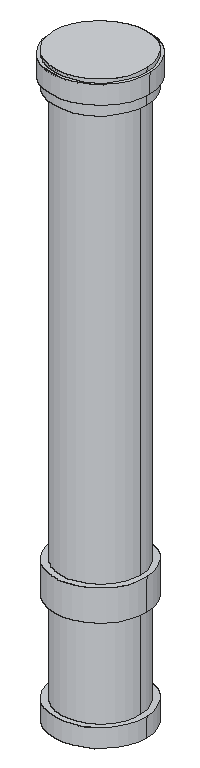
Revit family "57836c5d193e47efa21f47f37b3a445a", category Columns, Revit 2025
Family settings
  Cut with Voids When Loaded = No
  Automatically joins geometry to walls = Yes
  Shared = No
  Show family pre-cut in plan views = Yes
Parameters (values of type "660mm_Diameter")
  Material = none
  Offset base level = 0 mm
  Offset top level = 0 mm
  Keynote = "G"
Reference planes
  plane 1: y = 0
  plane 2: z = 0
  plane 3: x = 0
  plane 4: z = 0
  plane 5: z = 1168.4
  plane 6: z = 914.4
  plane 7: z = 152.4
  plane 8: z = 4699
  plane 9: z = 4610.1
  plane 10: z = 4851.4
  plane 11: z = 4876.8
Forms (mm)
  Extrusion 1, solid, material <- "Material"
    sketch origin (0, 0, 404.903) x (1, 0, 0) y (0, 1, 0)
      loop
        circle (0, 0) r 330.2
    from -252.503 to 509.497
  Extrusion 2, solid, material <- "Material"
    sketch origin (0, 1.344, 1165.406) x (1, 0, 0) y (0, 1, 0)
      loop
        circle (0, 0) r 381
    from -251.006 to 2.994
  Extrusion 3, solid, material <- "Material"
    sketch origin (0, -21.866, 1751.103) x (1, 0, 0) y (0, 1, 0)
      loop
        circle (0, 21.866) r 330.2
    from -582.703 to 2858.997
  Extrusion 4, solid, material <- "Material"
    sketch origin (0, 10.983, 4848.531) x (1, 0, 0) y (0, 1, 0)
      loop
        circle (0, -10.983) r 381
    from -238.431 to -149.531
  Extrusion 5, solid, material <- "Material"
    sketch origin (0, 10.983, 5034.57) x (1, 0, 0) y (0, 1, 0)
      loop
        circle (0, -10.983) r 406.4
    from -335.57 to -183.17
  Extrusion 6, solid, material <- "Material"
    sketch origin (0, 1.344, 233.97) x (1, 0, 0) y (0, 1, 0)
      loop
        circle (0, -1.344) r 381
    from -233.97 to -81.57
  Extrusion 7, solid, material <- "Material"
    sketch origin (0, 10.983, 5085.37) x (1, 0, 0) y (0, 1, 0)
      loop
        circle (0, -10.983) r 381
    from -233.97 to -208.57
Dimensions and locks
  "Offset base level": plane 4 to level
  plane 10 to plane 8 to plane 9 = 152.4 mm locked, 88.9 mm locked
  plane 5 to plane 6 to plane 7 to plane 4 = 254 mm, 762 mm, 152.4 mm
  locked: plane 11 to plane 10 at 25.4
  "Offset top level": level to plane 11
  aligned and locked: plane 7 to Extrusion 6
  aligned and locked: Extrusion 5 to plane 10
  aligned and locked: plane 10 to Extrusion 7
  aligned and locked: Extrusion 4 to plane 9
  aligned and locked: plane 9 to Extrusion 3
  aligned and locked: Extrusion 5 to plane 8
  aligned and locked: plane 8 to Extrusion 4
  aligned and locked: Extrusion 6 to plane 4
  aligned and locked: Extrusion 1 to plane 7
  aligned and locked: plane 6 to Extrusion 1
  aligned and locked: Extrusion 2 to plane 6
  aligned and locked: plane 5 to Extrusion 2
  aligned and locked: Extrusion 3 to plane 5
  aligned and locked: Extrusion 7 to plane 11
Automatic sketch dimensions
  Extrusion 2 sketch curve to plane 1 = 1.344 mm
  Extrusion 2 sketch curve to plane 3 = 0 mm
  Extrusion 2 sketch curve to plane 3 = 381 mm
  Extrusion 1 sketch curve to plane 1 = 0 mm
  Extrusion 1 sketch curve to plane 3 = 0 mm
  Extrusion 1 sketch curve to plane 3 = 330.2 mm
  Extrusion 3 sketch curve to plane 1 = 0 mm
  Extrusion 3 sketch curve to plane 3 = 0 mm
  Extrusion 3 sketch curve to plane 3 = 330.2 mm
  Extrusion 4 sketch curve to plane 1 = 0 mm
  Extrusion 4 sketch curve to plane 3 = 0 mm
  Extrusion 4 sketch curve to plane 3 = 381 mm
  Extrusion 5 sketch curve to plane 1 = 0 mm
  Extrusion 5 sketch curve to plane 3 = 0 mm
  Extrusion 5 sketch curve to plane 3 = 406.4 mm
  Extrusion 6 sketch curve to plane 1 = 0 mm
  Extrusion 6 sketch curve to plane 3 = 0 mm
  Extrusion 6 sketch curve to plane 3 = 381 mm
  Extrusion 7 sketch curve to plane 1 = 0 mm
  Extrusion 7 sketch curve to plane 3 = 0 mm
  Extrusion 7 sketch curve to plane 3 = 381 mm
